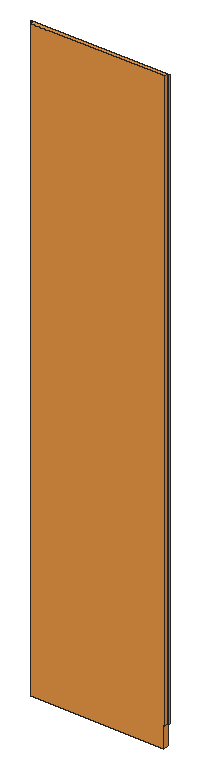
Revit family "3X8X_door_v8_2025_09_05", category Specialty Equipment, Revit 2023
Family settings
  Round Connector Dimension = Use Diameter
  Part Type = Normal
  Work Plane-Based = No
  Enable Cutting in Views = No
  Always vertical = Yes
  Cut with Voids When Loaded = No
  Maintain Annotation Orientation = No
  Shared = No
  Room Calculation Point = No
Parameters (values of type "3082G")
  panel_component_id [instance] = ""
  mid_top_hinge_offset [instance] = if(and(door_floor_clearance = 1.0000", not(door_wall_post_hinging)), -1 * 0.8230", 0.0000")  # -0.8230"
  mid_bottom_hinge_offset [instance] = if(and(door_floor_clearance = 1.0000", not(door_wall_post_hinging)), 2 * 0.8230", 0.0000")  # 1.6460"
  inter_hinge_gap [instance] = (door_height - door_top_margin - (door_bottom_margin + hinge_hole_space)) / 3  # 29.2500"
  hole_back [instance] = if(door_swing_direction_in, 0.0000", 0.1875")  # 0.0000"
  hinge_hole_space [instance] = 1.5000"  # constant formula
  hinge_hole_radius [instance] = if(1 = 1, hinge_hole_diameter / 2, 0.0000")  # 0.2500"
  hinge_hole_diameter [instance] = 0.5000"  # constant formula
  door_width_desired [instance] = 3.0000"
  door_material = 3X8X - door
  door_height_desired [instance] = 96.0000"
  door_floor_clearance_desired [instance] = 1.0000"
  door_work_order_number [instance] = ""
  door_width [instance] = if(door_width_desired < 22.0000", 22.0000", if(door_width_desired > 37.5000", 37.5000", door_width_desired))  # 22.0000"
  door_wall_post_hinging [instance] = no
  door_wall_keep_latching [instance] = yes
  door_top_margin [instance] = 1.7200"  # constant formula
  door_thickness [instance] = 0.7500"  # constant formula
  door_swing_direction_out [instance] = no
  door_swing_direction_in [instance] = not(door_swing_direction_out)  # yes
  door_swing_direction [instance] = if(door_swing_direction_in, "in", "out")  # "in"
  door_series_id = "3082G"
  door_routing_width [instance] = 0.3000"  # constant formula
  door_routing_depth [instance] = 0.5000"  # constant formula
  door_notching_y_dist [instance] = 3.3100"  # constant formula
  door_notching_x_dist [instance] = 0.44141"  # constant formula
  door_notching_right_relative_to_room [instance] = if(not(door_floor_clearance = 1.0000"), 1 = 0, if(and(door_hinge_side_relative_to_room_right, door_wall_post_hinging), 1 = 0, if(and(not(door_hinge_side_relative_to_room_right), door_wall_keep_latching), 1 = 0, 1 = 1)))  # yes
  door_notching_left_relative_to_room [instance] = if(not(door_floor_clearance = 1.0000"), 1 = 0, if(and(door_hinge_side_relative_to_room_left, door_wall_post_hinging), 1 = 0, if(and(not(door_hinge_side_relative_to_room_left), door_wall_keep_latching), 1 = 0, 1 = 1)))  # no
  door_interior_right_routing [instance] = if(door_swing_direction_in, 1 = 0, 1 = 1)  # no
  door_interior_left_routing [instance] = if(door_swing_direction_in, 1 = 0, 1 = 1)  # no
  door_hole_top_hinge_hole_2_y_coor_from_door_top_edge [instance] = door_top_margin + hinge_hole_space  # 3.2200"
  door_hole_top_hinge_hole_2_x_coor_from_door_hinge_edge [instance] = 0.9680"  # constant formula
  door_hole_top_hinge_hole_1_y_coor_from_door_top_edge [instance] = door_top_margin  # 1.7200"
  door_hole_top_hinge_hole_1_x_coor_from_door_hinge_edge [instance] = 0.9680"  # constant formula
  door_hole_mid_top_hinge_hole_2_y_coor_from_door_top_edge [instance] = door_hole_mid_top_hinge_hole_1_y_coor_from_door_top_edge + hinge_hole_space  # 31.6470"
  door_hole_mid_top_hinge_hole_2_x_coor_from_door_hinge_edge [instance] = 0.9680"  # constant formula
  door_hole_mid_top_hinge_hole_1_y_coor_from_door_top_edge [instance] = door_hole_top_hinge_hole_1_y_coor_from_door_top_edge + inter_hinge_gap + mid_top_hinge_offset  # 30.1470"
  door_hole_mid_top_hinge_hole_1_x_coor_from_door_hinge_edge [instance] = 0.9680"  # constant formula
  door_hole_mid_bottom_hinge_hole_2_y_coor_from_door_top_edge [instance] = door_hole_mid_bottom_hinge_hole_1_y_coor_from_door_top_edge + hinge_hole_space  # 62.5430"
  door_hole_mid_bottom_hinge_hole_2_x_coor_from_door_hinge_edge [instance] = 0.9680"  # constant formula
  door_hole_mid_bottom_hinge_hole_1_y_coor_from_door_top_edge [instance] = door_hole_mid_top_hinge_hole_1_y_coor_from_door_top_edge + inter_hinge_gap + mid_bottom_hinge_offset  # 61.0430"
  door_hole_mid_bottom_hinge_hole_1_x_coor_from_door_hinge_edge [instance] = 0.9680"  # constant formula
  door_hole_bottom_hinge_hole_2_y_coor_from_door_top_edge [instance] = door_hole_bottom_hinge_hole_1_y_coor_from_door_top_edge + hinge_hole_space  # 90.9700"
  door_hole_bottom_hinge_hole_2_x_coor_from_door_hinge_edge [instance] = 0.9680"  # constant formula
  door_hole_bottom_hinge_hole_1_y_coor_from_door_top_edge [instance] = door_hole_mid_bottom_hinge_hole_1_y_coor_from_door_top_edge + inter_hinge_gap + mid_top_hinge_offset  # 89.4700"
  door_hole_bottom_hinge_hole_1_x_coor_from_door_hinge_edge [instance] = 0.9680"  # constant formula
  door_hinge_side_relative_to_room_right [instance] = yes
  door_hinge_side_relative_to_room_left [instance] = not(door_hinge_side_relative_to_room_right)  # no
  door_hinge_side_relative_to_room [instance] = if(door_hinge_side_relative_to_room_left, "Left", "Right")  # "Right"
  door_height [instance] = if(door_height_desired < 72.0000", 72.0000", if(door_height_desired > 96.0000", 96.0000", door_height_desired))  # 96.0000"
  door_function_right [instance] = if(door_hinge_side_relative_to_room_right, "Hinging", "Keeping")  # "Hinging"
  door_function_left [instance] = if(door_hinge_side_relative_to_room_left, "Hinging", "Keeping")  # "Keeping"
  door_floor_clearance [instance] = if(door_floor_clearance_desired < 1.0000", 1.0000", if(door_floor_clearance_desired > 12.0000", 12.0000", door_floor_clearance_desired))  # 1.0000"
  door_exterior_right_routing [instance] = if(door_swing_direction_out, 1 = 0, 1 = 1)  # yes
  door_exterior_left_routing [instance] = if(door_swing_direction_out, 1 = 0, 1 = 1)  # yes
  door_drilling_side_relative_to_room [instance] = if(door_hinge_side_relative_to_room_left, "Left", "Right")  # "Right"
  door_drilling_face [instance] = if(door_swing_direction_in, "In", "Out")  # "In"
  door_component_id [instance] = ""
  door_bottom_margin [instance] = 1.7200" + if(and(door_floor_clearance = 1.0000", not(door_wall_post_hinging)), door_notching_y_dist, 0.0000")  # 5.0300"
  hole_front [instance] = if(door_swing_direction_in, 0.1875", 0.0000")  # 0.1875"
  Default Elevation = 0.0000"
Types (5): name | mid_top_hinge_offset | mid_bottom_hinge_offset | inter_hinge_gap | door_width_desired | door_material | door_height_desired | door_floor_clearance_desired | door_width | door_wall_post_hinging | door_wall_keep_latching | door_series_id | door_notching_right_relative_to_room | door_hole_mid_top_hinge_hole_2_y_coor_from_door_top_edge | door_hole_mid_top_hinge_hole_1_y_coor_from_door_top_edge | door_hole_mid_bottom_hinge_hole_2_y_coor_from_door_top_edge | door_hole_mid_bottom_hinge_hole_1_y_coor_from_door_top_edge | door_hole_bottom_hinge_hole_2_y_coor_from_door_top_edge | door_hole_bottom_hinge_hole_1_y_coor_from_door_top_edge | door_height | door_floor_clearance | door_bottom_margin
  (no name) | -0.8230" | 1.6460" | 29.2500" | 3.0000" | 3X8X - door | 96.0000" | 1.0000" | 22.0000" | no | yes | "3082G" | yes | 31.6470" | 30.1470" | 62.5430" | 61.0430" | 90.9700" | 89.4700" | 96.0000" | 1.0000" | 5.0300"
  3086G | 0.0000" | 0.0000" | 22.35333" | 0.0000" | none | 0.0000" | 0.0000" | 22.0000" | yes | yes | "3086G" | no | 25.57333" | 24.07333" | 47.92667" | 46.42667" | 70.2800" | 68.7800" | 72.0000" | 1.0000" | 1.7200"
  3082G.67P | 0.0000" | 0.0000" | 22.35333" | 100.0000" | none | 22.0000" | 13.0000" | 37.5000" | yes | no | "3082G.67P" | no | 25.57333" | 24.07333" | 47.92667" | 46.42667" | 70.2800" | 68.7800" | 72.0000" | 12.0000" | 1.7200"
  3082G | -0.8230" | 1.6460" | 29.2500" | 3.0000" | 3X8X - door | 96.0000" | 1.0000" | 22.0000" | no | yes | "3082G" | yes | 31.6470" | 30.1470" | 62.5430" | 61.0430" | 90.9700" | 89.4700" | 96.0000" | 1.0000" | 5.0300"
  3086G.67P | 0.0000" | 0.0000" | 22.35333" | 0.0000" | none | 0.0000" | 0.0000" | 22.0000" | yes | yes | "3086G.67P" | no | 25.57333" | 24.07333" | 47.92667" | 46.42667" | 70.2800" | 68.7800" | 72.0000" | 1.0000" | 1.7200"
Reference planes (in)
  plane 1 "Center (Front/Back)": y = 0
  plane 2: z = 0
  plane 3 "Center (Left/Right)": x = 0
  plane 4: y = 0.375
  plane 5: y = -0.375
  plane 6: x = 11
  plane 7: x = -11
  plane 8: z = 1
  plane 9: z = 97
  plane 10: z = 95.28
  plane 11: z = 7.53
  plane 12: z = 66.853
  plane 13: z = 93.78
  plane 14: z = 65.353
  plane 15: z = 35.957
  plane 16: z = 34.457
  plane 17: z = 6.03
  plane 18: x = -10.032
  plane 19: x = 10.032
  plane 20: z = 6.03
  plane 21: y = 0.375
  plane 22: y = -0.1875
Forms (in)
  Extrusion 1, solid, material "3X8X - door" <- "door_material"
    sketch origin (0, 0, 0) x (1, 0, 0) y (0, 0, 1)
      loop
        line (-11, 97) -> (-11, 1) -> (11, 1) -> (11, 97) -> (-11, 97)
    from -0.375 to 0.375
  Extrusion 2, void
    sketch origin (-27.87849, -180, 1) x (0, -1, 0) y (-1, 0, 0)
      loop
        line (-180.375, -16.87849) -> (-180.375, -17.17849) -> (-179.875, -17.17849) -> (-179.875, -16.87849) -> (-180.375, -16.87849)
    from 0 to -96
  Extrusion 3, void
    sketch origin (-27.87849, -180, 1) x (-1, 0, 0) y (0, -1, 0)
      loop
        line (-38.87849, -180.375) -> (-38.57849, -180.375) -> (-38.57849, -179.875) -> (-38.87849, -179.875) -> (-38.87849, -180.375)
    from 0 to 96
  Extrusion 4, void
    sketch origin (-27.87849, 180, 1) x (0, -1, 0) y (-1, 0, 0)
      loop
        line (180.375, -16.87849) -> (179.875, -16.87849) -> (179.875, -17.17849) -> (180.375, -17.17849) -> (180.375, -16.87849)
    from 0 to -96
  Extrusion 5, void
    sketch origin (-27.87849, 180, 1) x (-1, 0, 0) y (0, -1, 0)
      loop
        line (-38.87849, 180.375) -> (-38.87849, 179.875) -> (-38.57849, 179.875) -> (-38.57849, 180.375) -> (-38.87849, 180.375)
    from 0 to 96
  Extrusion 6, void
    sketch origin (-11.85954, 0.375, 48) x (1, 0, 0) y (0, 0, 1)
      loop
        circle (1.82754, 47.28) r 0.25
      loop
        circle (1.82754, 45.78) r 0.25
      loop
        circle (1.82754, 18.853) r 0.25
      loop
        circle (1.82754, 17.353) r 0.25
      loop
        circle (1.82754, -12.043) r 0.25
      loop
        circle (1.82754, -13.543) r 0.25
      loop
        circle (1.82754, -40.47) r 0.25
      loop
        circle (1.82754, -41.97) r 0.25
    from 0 to 0.5625
  Extrusion 7, void
    sketch origin (0, 0, 0) x (-1, 0, 0) y (0, 0, -1)
      loop
        circle (-10.032, -95.28) r 0.25
      loop
        circle (-10.032, -93.78) r 0.25
      loop
        circle (-10.032, -66.853) r 0.25
      loop
        circle (-10.032, -65.353) r 0.25
      loop
        circle (-10.032, -35.957) r 0.25
      loop
        circle (-10.032, -34.457) r 0.25
      loop
        circle (-10.032, -7.53) r 0.25
      loop
        circle (-10.032, -6.03) r 0.25
    from -0.375 to 0.1875
  Extrusion 8, void
    sketch origin (0, 0, 0) x (1, 0, 0) y (0, 0, 1)
      loop
        line (-11, 1) -> (-10.55859, 1) -> (-10.55859, 4.31) -> (-11, 4.31) -> (-11, 1)
    from -0.375 to 0.375
  Extrusion 9, void
    sketch origin (0, 0, 0) x (-1, 0, 0) y (0, 0, -1)
      loop
        line (-11, -1) -> (-11, -4.31) -> (-10.55859, -4.31) -> (-10.55859, -1) -> (-11, -1)
    from -0.375 to 0.375
Cuts and joins
  Extrusion 2, Extrusion 3, Extrusion 4, Extrusion 5, Extrusion 6, Extrusion 7, Extrusion 8, Extrusion 9 cuts Extrusion 1
Text (in)
  text "interior" at (-18.76262, 6.88958, 0), in view "Ref. Level"
Dimensions and locks (in)
  "door_thickness": plane 4 to plane 5
  equal spacing: plane 4, plane 1 "Center (Front/Back)", plane 5
  "door_height": plane 9 to plane 8
  "door_floor_clearance": plane 8 to plane 2
  "door_width": plane 7 to plane 6
  equal spacing: plane 7, plane 3 "Center (Left/Right)", plane 6
  "door_routing_width": plane 7 to Extrusion 2 sketch curve
  "door_routing_depth": plane 4 to Extrusion 2 sketch curve
  "door_routing_width": Extrusion 3 sketch curve to plane 6
  "door_routing_depth": plane 4 to Extrusion 3 sketch curve
  "door_routing_width": plane 7 to Extrusion 4 sketch curve
  "door_routing_depth": Extrusion 4 sketch curve to plane 5
  "door_routing_width": Extrusion 5 sketch curve to plane 6
  "door_routing_depth": Extrusion 5 sketch curve to plane 5
  "door_hole_top_hinge_hole_1_y_coor_from_door_top_edge": plane 9 to plane 10
  "door_hole_top_hinge_hole_2_y_coor_from_door_top_edge": plane 9 to plane 13
  "door_hole_mid_top_hinge_hole_1_y_coor_from_door_top_edge": plane 9 to plane 12
  "door_hole_mid_top_hinge_hole_2_y_coor_from_door_top_edge": plane 9 to plane 14
  "door_hole_mid_bottom_hinge_hole_1_y_coor_from_door_top_edge": plane 9 to plane 15
  "door_hole_mid_bottom_hinge_hole_2_y_coor_from_door_top_edge": plane 9 to plane 16
  "door_hole_bottom_hinge_hole_1_y_coor_from_door_top_edge": plane 9 to plane 11
  "door_hole_bottom_hinge_hole_2_y_coor_from_door_top_edge": plane 9 to plane 17
  "door_hole_top_hinge_hole_1_x_coor_from_door_hinge_edge": plane 18 to plane 7
  "door_hole_top_hinge_hole_1_x_coor_from_door_hinge_edge": plane 6 to plane 19
  "door_notching_y_dist": Extrusion 8 sketch curve to plane 8
  "door_notching_x_dist": plane 7 to Extrusion 8 sketch curve
  "door_notching_x_dist": plane 6 to Extrusion 9 sketch curve
  "door_notching_y_dist": Extrusion 9 sketch curve to plane 8
  plane 10 to plane 12 = 28.4270"
  plane 12 to plane 15 = 30.8960"
  plane 15 to plane 11 = 28.4270"
  "door_bottom_margin": plane 20 to plane 8
  "hole_back": plane 4 to plane 21
  "hole_front": plane 22 to plane 5
  "hinge_hole_radius": radius of Extrusion 6 sketch curve  (x8)
  "hinge_hole_radius": radius of Extrusion 7 sketch curve  (x8)
  aligned and locked: level to plane 2
  aligned and locked: Extrusion 1 sketch curve to plane 7
  aligned and locked: Extrusion 1 sketch curve to plane 6
  aligned and locked: plane 8 to Extrusion 1 sketch curve
  aligned and locked: Extrusion 1 sketch curve to plane 9
  aligned and locked: plane 4 to Extrusion 1
  aligned and locked: Extrusion 1 to plane 5
  aligned and locked: Extrusion 2 sketch curve to plane 7
  aligned and locked: Extrusion 2 sketch curve to plane 4
  aligned and locked: plane 4 to Extrusion 3 sketch curve
  aligned and locked: plane 6 to Extrusion 3 sketch curve
  aligned and locked: plane 9 to Extrusion 2
  aligned and locked: plane 9 to Extrusion 3
  aligned and locked: Extrusion 4 sketch curve to plane 5
  aligned and locked: plane 7 to Extrusion 4 sketch curve
  aligned and locked: plane 5 to Extrusion 5 sketch curve
  aligned and locked: Extrusion 5 sketch curve to plane 6
  aligned and locked: plane 10 to Extrusion 6 sketch curve
  aligned and locked: plane 18 to Extrusion 6 sketch curve  (x8)
  aligned and locked: plane 13 to Extrusion 6 sketch curve
  aligned and locked: plane 11 to Extrusion 6 sketch curve
  aligned and locked: plane 17 to Extrusion 6 sketch curve
  aligned and locked: plane 15 to Extrusion 6 sketch curve
  aligned and locked: plane 16 to Extrusion 6 sketch curve
  aligned and locked: plane 12 to Extrusion 6 sketch curve
  aligned and locked: plane 14 to Extrusion 6 sketch curve
  aligned and locked: plane 10 to Extrusion 7 sketch curve
  aligned and locked: plane 13 to Extrusion 7 sketch curve
  aligned and locked: plane 12 to Extrusion 7 sketch curve
  aligned and locked: plane 14 to Extrusion 7 sketch curve
  aligned and locked: plane 15 to Extrusion 7 sketch curve
  aligned and locked: plane 16 to Extrusion 7 sketch curve
  aligned and locked: plane 11 to Extrusion 7 sketch curve
  aligned and locked: plane 17 to Extrusion 7 sketch curve
  aligned and locked: plane 19 to Extrusion 7 sketch curve  (x8)
  aligned and locked: plane 7 to Extrusion 8 sketch curve
  aligned and locked: Extrusion 8 sketch curve to plane 8
  aligned and locked: plane 4 to Extrusion 8
  aligned and locked: Extrusion 8 to plane 5
  aligned and locked: Extrusion 9 sketch curve to plane 6
  aligned and locked: plane 8 to Extrusion 9 sketch curve
  aligned and locked: plane 9 to Extrusion 4
  aligned and locked: plane 9 to Extrusion 5
  aligned and locked: plane 21 to Extrusion 6
  aligned and locked: Extrusion 6 to plane 22
  aligned and locked: plane 21 to Extrusion 7
  aligned and locked: Extrusion 7 to plane 22
